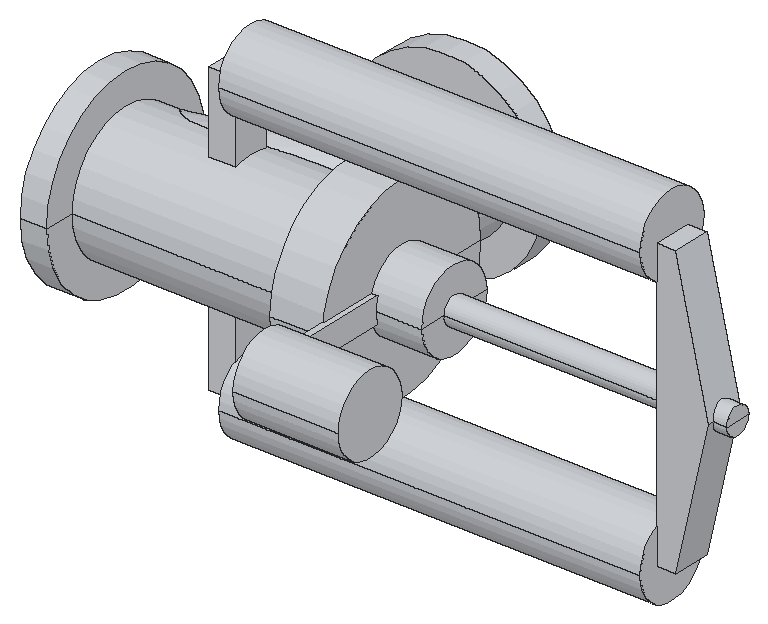
Revit family "719ccb85028649f3bb3dcdbb0dbf9cd4", category Pipe Accessories, Revit 2021
Family settings
  Round Connector Dimension = Use Radius
  Part Type = EndCap
  OmniClass Number = 23.65.55.14.17
  OmniClass Title = Adjusting/Controlling Valves for Liquid Services
  Work Plane-Based = No
  Always vertical = Yes
  Cut with Voids When Loaded = No
  Shared = No
Parameters (values of type "2.5"")
  Valve Material = none
  Symbol Length 2 = Symbol Length 1 / 2  # 2.23723"
  Symbol Length 1 = Center to End * tan(30.00°)  # 4.47446"
  Stem Radius = Center to End / 15  # 0.51667"
  Length 7 = 1 1/2"
  Length 6 = 0" - Length 5  # -0.71589"
  Length 5 = Stem Radius + 51/256"  # 0.71589"
  Length 4 = Valve Width / 2 - Length 3  # 5.49512"
  Length 3 = (Valve Width / 2 - Flange Radius - 1/4") / 2  # 1.50488"
  Length 2 = Body Radius * 0.98  # 2.51125"
  Length 1 = Center to End - Flange Thickness  # 6 3/4"
  Flange Diameter = 7 123/256"
  Valve Width = 14"
  Default Elevation = 0"
  Center to Back = 8"
  Body Radius = Nominal Radius * 1.25 + 1"  # 2 9/16"
  Valve Height = 16 1/2"
  Nominal Radius = 1 1/4"
  Nominal Diameter = Nominal Radius * 2  # 2 1/2"
  K Coefficient = 7
  Flange Thickness = 1"
  Flange Radius = Flange Diameter / 2  # 3.74023"
  Center to End = 7 3/4"
Reference planes (in)
  plane 1 "Center (Front/Back)": y = 0
  plane 2: z = 0
  plane 3 "Center (Left/Right)": x = 0
  plane 4: x = -7.75
  plane 5: x = -6.75
  plane 6: y = 3.74023
  plane 7: y = -3.74023
  plane 8: y = -4.47446
  plane 9: y = 4.47446
  plane 10: y = 7.75
  plane 11: y = 6.75
  plane 12: x = 3.74023
  plane 13: x = 2.74023
  plane 14: x = 1.74023
  plane 15: x = 16.5
  plane 16: x = 16
  plane 17: y = 3.74023
  plane 18: x = 14
  plane 19: x = -2
  plane 20: z = 5.49512
  plane 21: z = -5.49512
  plane 22: y = -8
  plane 23: y = -6.5
  plane 24: x = 7.74023
  plane 25: x = -4.47446
  plane 26: x = 4.47446
  plane 27: y = 1.11862
  plane 28: y = -1.11862
Forms (in)
  Extrusion 1, solid, material <- "Valve Material", detail levels fine
    sketch origin (0, 0, 0) x (1, 0, 0) y (0, 0, 1)
      loop
        circle (0, 0) r 3.74023
    from -7.75 to -6.75
  Revolve 2, solid, material <- "Valve Material", detail levels fine
    sketch origin (0, 0, 0) x (1, 0, 0) y (0, 1, 0)
      loop
        line (16.5, 0) -> (16.5, 0.51667) -> (5.74023, 0.51667) -> (5.74023, 1.53958) -> (3.74023, 1.53958) -> (3.74023, 3.74023) -> (1.74023, 3.74023) -> (1.74023, 2.5625) -> (-6.75, 2.5625) -> (-6.75, 3.74023) -> (-7.75, 3.74023) -> (-7.75, 0) -> (16.5, 0)
      axis (-7.75, 0) -> (16.5, 0)
    angle from 0 to 360
  Sweep 3, solid, material <- "Valve Material", detail levels fine
    path origin (0, 0, 0) x (1, 0, 0) y (0, 1, 0)
      loop
        arc (0, 6.75) -> (-1.97703, 1.97703) -> (-6.75, 0) r 6.75
    profile origin (-6.75, 0, 0) x (0, -1, 0) y (0, 0, 1)
      loop
        circle (0, 0) r 2.51125
  Extrusion 4, solid, material <- "Valve Material", detail levels fine
    sketch origin (0, 0, 0) x (0, 1, 0) y (0, 0, 1)
      loop
        circle (0, 5.49512) r 1.50488
      loop
        circle (0, -5.49512) r 1.50488
    from -2 to 14
  Extrusion 5, solid, material <- "Valve Material", detail levels fine
    sketch origin (0, 0, 0) x (1, 0, 0) y (0, 0, 1)
      loop
        line (14, 5.49512) -> (14, -5.49512) -> (14.75, -5.49512) -> (16, 0) -> (14.75, 5.49512) -> (14, 5.49512)
      loop
        line (-3, 5.49512) -> (-3, -5.49512) -> (-2, -5.49512) -> (-2, 5.49512) -> (-3, 5.49512)
    from -0.71589 <- "Length 6" to 0.71589 <- "Length 5"
  Extrusion 6, solid, material <- "Valve Material", detail levels fine
    sketch origin (0, 0, 0) x (0, 1, 0) y (0, 0, 1)
      loop
        circle (-6.5, 0) r 1.5
    from 3.74023 to 7.74023
  Extrusion 7, solid, detail levels fine
    sketch origin (3.74023, 23.93378, 48) x (0, 1, 0) y (0, 0, 1)
      loop
        line (-30.43378, -47.5) -> (-30.43378, -48.5) -> (-23.93378, -48.5) -> (-23.93378, -47.5) -> (-30.43378, -47.5)
    from 0 to 0.25
Cuts and joins
  joined: Revolve 2, Sweep 3, Extrusion 5
Lines and regions (in)
  model lines, detail levels coarse+medium
    curve 1: line (-7.75, 4.47446, 0) -> (-7.75, -4.47446, 0)
    curve 2: line (0, 0, 0) -> (-7.75, 4.47446, 0)
    curve 3: line (-7.75, -4.47446, 0) -> (0, 0, 0)
    curve 5: line (-4.47446, 7.75, 0) -> (4.47446, 7.75, 0)
    curve 6: line (-4.47446, 7.75, 0) -> (0, 0, 0)
    curve 7: line (4.47446, 7.75, 0) -> (0, 0, 0)
    curve 8: line (0, 0, 0) -> (16, 0, 0)
    curve 9: line (5.03353, 1.11862, 0) -> (5.03353, -1.11862, 0)
    curve 10: line (7.32682, 1.11862, 0) -> (7.32682, -1.11862, 0)
    curve 11: line (9.62012, 1.11862, 0) -> (9.62012, -1.11862, 0)
    curve 12: line (11.91341, 1.11862, 0) -> (11.91341, -1.11862, 0)
    curve 13: line (14.20671, 1.11862, 0) -> (14.20671, -1.11862, 0)
  reference lines, not visible
    curve 4: line (0, 0, 0) -> (0.86036, 0, -1.22873)
Dimensions and locks (in)
  equal spacing: plane 6, plane 1 "Center (Front/Back)", plane 7
  "Flange Radius": plane 6 to plane 1 "Center (Front/Back)"
  "Flange Thickness": plane 4 to plane 5
  "Symbol Length 1": plane 9 to plane 1 "Center (Front/Back)"
  "Symbol Length 1": plane 1 "Center (Front/Back)" to plane 8
  "Flange Thickness": plane 10 to plane 11
  "Center to End": plane 10 to plane 1 "Center (Front/Back)"
  "Center to End": plane 4 to plane 3 "Center (Left/Right)"
  "Flange Radius": plane 3 "Center (Left/Right)" to plane 12
  "Flange Thickness": plane 13 to plane 12
  "Flange Thickness": plane 14 to plane 13
  "Valve Height": plane 3 "Center (Left/Right)" to plane 15
  locked: plane 16 to plane 15 at 0.5
  "Flange Radius": plane 17 to plane 1 "Center (Front/Back)"
  "Body Radius": Revolve 2 sketch curve to Revolve 2 sketch curve
  "Stem Radius": Revolve 2 sketch curve to Revolve 2 sketch curve
  locked: plane 12 to Revolve 2 sketch curve at 2
  equal spacing: Revolve 2 sketch curve, Revolve 2 sketch curve, Revolve 2 sketch curve
  locked: plane 18 to plane 16 at 2
  locked: plane 19 to plane 3 "Center (Left/Right)" at 2
  "Length 4": level to plane 21
  "Length 4": plane 20 to level
  locked: Extrusion 5 sketch curve to Extrusion 5 sketch curve at 1
  "Center to Back": plane 1 "Center (Front/Back)" to plane 22
  "Length 7": plane 23 to plane 22
  locked: plane 12 to plane 24 at 4
  locked: level to Extrusion 7 sketch curve at 0.5  (x2)
  "Symbol Length 1": plane 3 "Center (Left/Right)" to plane 26
  "Symbol Length 1": plane 25 to plane 3 "Center (Left/Right)"
  equal spacing: plane 27, plane 1 "Center (Front/Back)", plane 28
  "Symbol Length 2": plane 27 to plane 28
  equal spacing: plane 13, curve 9, curve 10, curve 11, curve 12, curve 13, plane 15
  "Flange Radius": radius of Extrusion 1 sketch curve
  "Length 1": radius of Sweep 3 sketch curve
  "Length 2": radius of Sweep 3 sketch curve
  "Length 3": radius of Extrusion 4 sketch curve  (x2)
  "Length 7": radius of Extrusion 6 sketch curve
  aligned and locked: curve 1 to plane 4
  aligned and locked: plane 8 to curve 1
  aligned and locked: plane 9 to curve 1
  aligned and locked: plane 3 "Center (Left/Right)" to curve 4
  aligned and locked: level to curve 4
  aligned and locked: plane 3 "Center (Left/Right)" to Extrusion 1 sketch curve
  aligned and locked: level to Extrusion 1 sketch curve
  aligned and locked: plane 10 to Extrusion 1
  aligned and locked: Extrusion 1 to plane 11
  aligned and locked: plane 1 "Center (Front/Back)" to Revolve 2 sketch curve
  aligned and locked: plane 4 to Revolve 2 sketch curve
  aligned and locked: Revolve 2 sketch curve to Revolve 2 sketch curve
  aligned and locked: Revolve 2 sketch curve to plane 17  (x2)
  aligned and locked: Revolve 2 sketch curve to plane 5
  aligned and locked: Revolve 2 sketch curve to plane 12
  aligned and locked: plane 14 to Revolve 2 sketch curve
  aligned and locked: Revolve 2 sketch curve to plane 15
  aligned and locked: plane 5 to Sweep 3 sketch curve
  aligned and locked: plane 11 to Sweep 3 sketch curve
  aligned and locked: plane 1 "Center (Front/Back)" to Sweep 3 sketch curve
  aligned and locked: level to Sweep 3 sketch curve
  aligned and locked: Extrusion 4 to plane 19
  aligned and locked: plane 18 to Extrusion 4
  aligned and locked: plane 1 "Center (Front/Back)" to Extrusion 4 sketch curve  (x2)
  aligned and locked: plane 21 to Extrusion 4 sketch curve
  aligned and locked: plane 20 to Extrusion 4 sketch curve
  aligned and locked: Extrusion 5 sketch curve to plane 19
  aligned and locked: plane 21 to Extrusion 5 sketch curve
  aligned and locked: Extrusion 5 sketch curve to plane 21
  aligned and locked: Extrusion 5 sketch curve to plane 20  (x2)
  aligned and locked: plane 23 to Extrusion 6 sketch curve
  aligned and locked: level to Extrusion 6 sketch curve
  aligned and locked: Extrusion 6 to plane 12
  aligned and locked: Extrusion 6 to plane 24
  aligned and locked: plane 23 to Extrusion 7 sketch curve
  aligned and locked: plane 1 "Center (Front/Back)" to Extrusion 7 sketch curve
  aligned and locked: curve 5 to plane 25
  aligned and locked: curve 5 to plane 26
  aligned and locked: curve 5 to plane 10
  aligned and locked: plane 16 to curve 8
  aligned and locked: plane 28 to curve 9
  aligned and locked: plane 28 to curve 10
  aligned and locked: plane 28 to curve 11
  aligned and locked: plane 28 to curve 12
  aligned and locked: plane 28 to curve 13
  aligned and locked: plane 27 to curve 13
  aligned and locked: plane 27 to curve 12
  aligned and locked: plane 27 to curve 11
  aligned and locked: plane 27 to curve 10
  aligned and locked: plane 27 to curve 9
Automatic sketch dimensions
  plane 3 "Center (Left/Right)" to curve 4 = 0.86036"
  curve 4 to level = 1.22873"
  Revolve 2 sketch curve to plane 4 = 11.05593"
  plane 15 to Revolve 2 sketch curve = 13.69407"
  Extrusion 5 sketch curve to plane 18 = 0"
  Extrusion 5 sketch curve to level = 0"
  Extrusion 5 sketch curve to plane 16 = 0"
  plane 18 to Extrusion 5 sketch curve = 3/4"  (x2)
  plane 1 "Center (Front/Back)" to curve 8 = 0"
  curve 8 to plane 3 "Center (Left/Right)" = 0"
Connectors (in)
  piping at (-7.75, 0, 0), diameter 2.5, driven by "Nominal Radius"
    settings: on cut or joined group of Revolve 2, Sweep 3, Extrusion 5, index 1, connector inside diameter 24", connector length 0", flow factor 0, pipe flow 0 GPM, pressure drop 0.00 psi, fitting loss kfactor 0, connector angle 0.00°, fixture units 0, engagement length 0", angle of deflection 0.00°, flow configuration 0, flow direction 0, fitting loss method 0, system type 29, joint type 0, gender type 0, connector reference index 2, connector utility 0, adjustable connector no, is connector primary yes, connector description ""
  piping at (0, 7.75, 0), diameter 2.5, driven by "Nominal Radius"
    settings: on Extrusion 1, index 2, connector inside diameter 24", connector length 0", flow factor 0, pipe flow 0 GPM, pressure drop 0.00 psi, fitting loss kfactor 0, connector angle 0.00°, fixture units 0, engagement length 0", angle of deflection 0.00°, flow configuration 0, flow direction 0, fitting loss method 0, system type 29, joint type 0, gender type 0, connector reference index 1, connector utility 0, adjustable connector no, is connector primary no, connector description ""
